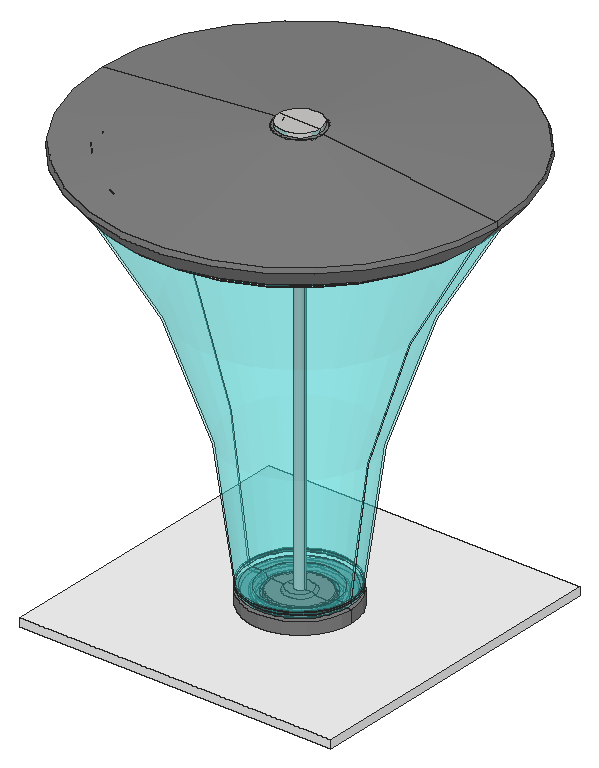
Revit family "BE_77151_de_DE", category Leuchten, Revit 2020
Family settings
  Basisbauteil = Fläche
  Bemaßung runder Anschluss = Durchmesser verwenden
  Teiletyp = Normal
  Beim Laden mit Abzugskörper schneiden = Ja
  Lichtquelle = Ja
  Gemeinsam genutzt = Nein
  Raumberechnungspunkt = Ja
Parameters (values of type "BEGA_77151_Grafit_K4")
  built-in parameter 1150104 = 12.774 (stored number, unit not read)
  Windangriffsfläche = "0.15 m²"
  Werkzeuglos = ""
  Wattage = 32 W
  Default Elevation = 0 mm
  built-in parameter 1150113 = 1 (stored number, unit not read)
  built-in parameter 1114218 = 1 (stored number, unit not read)
  Umgebungstemperatur = "25 °C"
  URL = "https://www.bega.com/de/produkt/77151"
  Typenkommentare = "© 2022 BEGA. Wir behalten uns das Recht vor, technische Änderungen ohne vorherige Ankündigung vorzunehmen."  # constant formula
  Type Image = 77151.png
  built-in parameter 1150134 = 12
  built-in parameter 1150109 = 1 (stored number, unit not read)
  Strom = ""
  built-in parameter 1150110 = 1 (stored number, unit not read)
  Spannung = 239.996 V
  Sonderanfertigung = no
  Seriennummer [instance] = "Hier können Sie die eindeutige Seriennummer für das Facility Management eintragen."
  Schutzklasse = "II"
  Schutzart = "IP 65"
  Scheinlast = 0 VA
  Produktdatenblatt = "https://cdn.bega.com/bega/products/77151K4/current/documents/data-sheets/de"
  Oberflächentemperatur = ""
  Neigungswinkel = 0.00°
  Modell = "77151K4"
  Material_19 = BEGA_Dummy_matt
  Material_17 = BEGA_Reflektor
  Material_15 = BEGA_Leuchtmedium_matt
  Material_13 = BEGA_Kunststoff_matt
  Material_12 = BEGA_Kunststoff_klar
  Material_06 = BEGA_Oberfläche_Edelstahl_gebürstet
  Material_02 = BEGA_Oberfläche_Silber_matt
  Material_01 [instance] = BEGA_Oberfläche_Grafit_matt
  Mastzopfhöhe_h = ""
  Mastzopfdurchmesser_d = ""
  Mastzopf_Ø [instance] = "76 mm"  # constant formula
  Masthöhe_H = ""
  Mastdurchmesser_unten_Ø = ""
  Mast Gruppe = ""
  M_G = yes
  M_A = no
  Logo = 0
  built-in parameter 1114217 = 1 (stored number, unit not read)
  built-in parameter 1150139 = (empty or 0)
  built-in parameter 1150105 = 350.14 (stored number, unit not read)
  built-in parameter 1150114 = 1 (stored number, unit not read)
  Lumens = 4400 lm
  built-in parameter 1150115 = 1 (stored number, unit not read)
  Leuchtenlichtstrom = "2591 lm"
  Leuchtenanzahl = ""
  Lebensdauerkriterien = "L70B50 @ 25 °C = 200000 h"
  Lastklassifizierung = Beleuchtung
  built-in parameter 1150112 = 1 (stored number, unit not read)
  Lampenlichtstrom = "4640 lm"
  Lampe = "LED 23.2 W"
  LED_Modulbezeichnung = "LED-0469/840 + LED-0472/840"
  built-in parameter 1150142 = (empty or 0)
  Hersteller = "BEGA"  # constant formula
  Gewicht = "8.6 kg"
  Frequenz = "0/50-60 Hz"
  Farbwiedergabeindex = "CRI > 80"
  Farbtemperaturverschiebung bei Dämpfen der Lampe = <Keine Auswahl>
  Farbtemperatur = "4000 K"
  Color Filter = 16777215
  built-in parameter 1150133 = 10 (stored number, unit not read)
  Energieeffizienzklasse = "LED A++ - A"
  Einstecktiefe = "110 mm"
  built-in parameter 1150137 = (empty or 0)
  built-in parameter 1150132 = (empty or 0)
  ENEC = "ja"
  Dimmbar [instance] = "DALI"
  Datei für fotometrisches Netz = "BE_77151K4.IES"
  CE_Konformität = "ja"
  Bestellnummer = "77151K4"
  Beschreibung_Sonderanfertigung = "Hier können Sie Informationen zur Sonderanfertigung eintragen."
  Beschreibung = "Aufsatzleuchte"
  built-in parameter 1150106 = 3.5014 (stored number, unit not read)
  BEGA_Intern_aus = yes
  BEGA_Intern_an = yes
  BEGA_Intern_Konstruktion = yes
  BEGA_Intern = yes
  BEGA_IES = yes
  BEGA_Dummy = no
  Anschlussleitung = "6.0 m X05BQ-F 4 × 1 mm²"
  Anschlussleistung [instance] = "25.8 W"
  built-in parameter 1150107 = 4000 (stored number, unit not read)
  built-in parameter 1150102 = (empty or 0)
  built-in parameter 1150138 = (empty or 0)
  Aktualisierung = "2022-05-19T04:00:07"
  Abstand_zur_angestrahlten_Fläche [instance] = ""
  AC/DC = "AC/DC"
Types (4, lengths in mm): name | built-in parameter 1150104 | built-in parameter 1150134 | Modell | M_G | M_A | built-in parameter 1150105 | Lumens | Leuchtenlichtstrom | Lampenlichtstrom | LED_Modulbezeichnung | Farbtemperatur | Datei für fotometrisches Netz | Bestellnummer | built-in parameter 1150106 | built-in parameter 1150107
  BEGA_77151_Grafit_K4 | 12.774 (stored number, unit not read) | 12 | "77151K4" | yes | no | 350.14 (stored number, unit not read) | 4400 lm | "2591 lm" | "4640 lm" | "LED-0469/840 + LED-0472/840" | "4000 K" | "BE_77151K4.IES" | "77151K4" | 3.5014 (stored number, unit not read) | 4000 (stored number, unit not read)
  BEGA_77151_Grafit_K3 | 12.02 (stored number, unit not read) | (empty or 0) | "77151K3" | yes | no | 329.46 (stored number, unit not read) | 4140.16 lm | "2513 lm" | "4500 lm" | "LED-0469/830 + LED-0472/830" | "3000 K" | "BE_77151K3.IES" | "77151K3" | 3.2946 (stored number, unit not read) | 3000 (stored number, unit not read)
  BEGA_77151_Silber_K3 | 12.02 (stored number, unit not read) | (empty or 0) | "77151AK3" | no | yes | 329.46 (stored number, unit not read) | 4140.16 lm | "2513 lm" | "4500 lm" | "LED-0469/830 + LED-0472/830" | "3000 K" | "BE_77151K3.IES" | "77151AK3" | 3.2946 (stored number, unit not read) | 3000 (stored number, unit not read)
  BEGA_77151_Silber_K4 | 12.774 (stored number, unit not read) | 12 | "77151AK4" | no | yes | 350.14 (stored number, unit not read) | 4400 lm | "2591 lm" | "4640 lm" | "LED-0469/840 + LED-0472/840" | "4000 K" | "BE_77151K4.IES" | "77151AK4" | 3.5014 (stored number, unit not read) | 4000 (stored number, unit not read)
Reference planes
  plane 1 "Mitte (Vorne/Hinten)": y = 0
  plane 2: z = 0
  plane 3 "Mitte (Links/Rechts)": x = 0
  plane 4 "Links": x = -255.051
  plane 5 "Rechts": x = 255.051
  plane 6 "Unten": y = -255.051
  plane 7 "Oben": y = 255.051
  plane 8 "Vorne": z = 554.848
  plane 9 "Hinten": z = -110
Forms (mm)
  Extrusion 1, solid, material "BEGA_Platte_Weiss"
    sketch origin (0, -1119.2, 0) x (1, 0, 0) y (0, 1, 0)
      loop
        line (-200, 1319.2) -> (-200, 919.2) -> (200, 919.2) -> (200, 1319.2) -> (-200, 1319.2)
    from 0 to -10
  Extrusion 2, solid, material "BEGA_Dummy_matt", visible <- "BEGA_Dummy"
    sketch origin (77.149, -76.023, 0) x (1, 0, 0) y (0, 1, 0)
      loop
        circle (-77.149, 76.023) r 255
    from -110 to 554.848
Dimensions and locks
  plane 1 "Mitte (Vorne/Hinten)" to Extrusion 1 = 200 mm
  aligned and locked: plane 2 to Extrusion 1
  aligned and locked: level to Extrusion 1
Nested families
  nested 1: "BE_77151_Leuchtenkörper" at (0, 0, 0), type "BE_77151_Leuchtenkörper"
    with BEGA_Infotext_Winkel no
Connectors
  electrical at (0, 0, 0), driven by "Lastklassifizierung", driven by "Spannung", driven by "Scheinlast"
    settings: index 1, voltage 239.996 V, apparent load 0 VA, apparent load phase1 0 VA, apparent load phase2 0 VA, apparent load phase3 0 VA, power factor 1, load classification "Beleuchtung", number of poles 1, system type 31, power factor state 1, is connector primary yes, connector utility no, sub classification motor no, connector description ""
Definition of nested family "BE_77151_Leuchtenkörper"
  Parameters (values of type "BE_77151_Leuchtenkörper")
    Default Elevation = 1 mm
    URL = "http://www.bega.de/de/produkt"
    Type Comments = "© 2015 BEGA. Wir behalten uns das Recht vor, technische Änderungen ohne vorherige Ankündigung vorzunehmen. "  # constant formula
    Type Image = element 69190
    Material_19 = none
    Material_17 = none
    Material_15 = none
    Material_13 = none
    Material_12 = none
    Material_06 = none
    Material_02 = none
    Material_01 = none
    M_G = yes
    M_A = yes
    Länge_Platte = 200 mm  # constant formula
    Höhe_Platte = -10 mm  # constant formula
    Manufacturer = "BEGA"  # constant formula
    Breite_Platte = 200 mm  # constant formula
    BEGA_Intern = yes
    BEGA_Infotext_Winkel [instance] = no
    Aktualisierung = "Stand: 25.03.2015"  # constant formula
  Reference planes
    plane 1 "Mitte (Oben/Unten)": y = 0
    plane 2: z = 0
    plane 3 "Mitte (Links/Rechts)": x = 0
    plane 4: x = 255.051
    plane 5: x = -255.051
    plane 6: z = 554.848
    plane 7: z = -110
    plane 8: y = 255.051
    plane 9: y = -255.051
  Forms (mm)
    Extrusion 1, solid, detail levels medium
      sketch origin (0, 0, 0) x (1, 0, 0) y (0, 1, 0)
        loop
          line (-100, 100) -> (-100, -100) -> (100, -100) -> (100, 100) -> (-100, 100)
      from 0 to -10 <- "Höhe_Platte"
    Revolve 2, solid, material <- "Material_01", visible <- "M_G", detail levels medium+fine
      sketch origin (0, 0, 0) x (1, 0, 0) y (0, 0, 1)
        loop
          line (-44.341, -110) -> (-42.269, -107.928) -> (-38.567, -1.93)
          arc (-38.567, -1.93) -> (-37.958, -0.561) -> (-36.569, 0) r 2
          line (-36.569, 0) -> (-24.622, 0)
          arc (-24.622, 0) -> (-23.122, -0.402) -> (-22.021, -1.5) r 3
          line (-22.021, -1.5) -> (-20.866, -3.5)
          arc (-20.866, -3.5) -> (-19.77, -4.597) -> (-18.273, -5) r 3
          line (-18.273, -5) -> (-6.5, -5) -> (-6.5, 18) -> (-16, 18) -> (-19, 15) -> (-36.034, 15)
          arc (-36.034, 15) -> (-36.729, 14.719) -> (-37.034, 14.034) r 1
          line (-37.034, 14.034) -> (-37.349, 5) -> (-50.351, 5) -> (-50.666, 14.037)
          arc (-50.666, 14.037) -> (-50.972, 14.72) -> (-51.666, 15) r 1
          line (-51.666, 15) -> (-66.5, 15) -> (-66.5, -11.344)
          arc (-66.5, -11.344) -> (-66.232, -12.344) -> (-65.5, -13.077) r 2
          line (-65.5, -13.077) -> (-55.491, -18.856)
          arc (-55.491, -18.856) -> (-55.132, -19.221) -> (-55, -19.716) r 1
          line (-55, -19.716) -> (-55, -110) -> (-44.341, -110)
        axis (0, 18) -> (0, -110)
      angle from 0 to 360
    Revolve 3, solid, material <- "Material_12", detail levels medium+fine
      sketch origin (0, 0, 0) x (1, 0, 0) y (0, 0, 1)
        loop
          line (-44.305, 7.5) -> (-40.3, 7.5) -> (-40.571, 12.675)
          arc (-40.571, 12.675) -> (-42.681, 17.511) -> (-47.569, 19.5) r 7
          line (-47.569, 19.5) -> (-61.573, 19.5)
          arc (-61.573, 19.5) -> (-63.658, 20.344) -> (-64.571, 22.4) r 3
          line (-64.571, 22.4) -> (-64.672, 25.294)
          arc (-64.672, 25.294) -> (-110.225, 270.595) -> (-225.662, 491.779) r 842
          arc (-225.662, 491.779) -> (-226.065, 492.542) -> (-226.234, 493.389) r 3
          line (-226.234, 493.389) -> (-227.497, 517.5) -> (-229.5, 517.5) -> (-228.23, 493.275)
          arc (-228.23, 493.275) -> (-227.948, 491.869) -> (-227.279, 490.601) r 5
          arc (-227.279, 490.601) -> (-112.106, 269.915) -> (-66.669, 25.164) r 840
          line (-66.669, 25.164) -> (-66.574, 22.448)
          arc (-66.574, 22.448) -> (-64.506, 17.532) -> (-59.574, 15.5) r 7
          line (-59.574, 15.5) -> (-47.572, 15.5)
          arc (-47.572, 15.5) -> (-45.507, 14.676) -> (-44.576, 12.657) r 3
          line (-44.576, 12.657) -> (-44.305, 7.5)
        axis (0, 517.5) -> (0, 7.5)
      angle from 0 to 360
    Revolve 4, solid, material <- "Material_06", detail levels medium+fine
      sketch origin (0, 0, 0) x (1, 0, 0) y (0, 0, 1)
        loop
          line (-5, 5) -> (-5, 473.998) -> (-7.5, 475.5) -> (-7.5, 549.5) -> (-12.25, 549.5) -> (-12.25, 462.5) -> (-15, 462.5) -> (-15, 460) -> (-6.5, 460) -> (-6.5, 5) -> (-5, 5)
        axis (0, 549.5) -> (0, 5)
      angle from 0 to 360
    Revolve 5, solid, material <- "Material_01", visible <- "M_G", detail levels medium+fine
      sketch origin (0, 0, 0) x (1, 0, 0) y (0, 0, 1)
        loop
          line (-234.437, 497.148) -> (-231.997, 497.148) -> (-231.502, 525.5) -> (-223.333, 525.5) -> (-223.158, 515.5) -> (-219.658, 515.5) -> (-219.335, 524.748) -> (-200.014, 524.748) -> (-199.717, 528.992) -> (-29.787, 545.148) -> (0, 545.148) -> (0, 549.648) -> (-29.597, 549.648)
          arc (-29.597, 549.648) -> (-30, 549.638) -> (-30.401, 549.61) r 8.501
          line (-30.401, 549.61) -> (-253.945, 528.357) -> (-255.051, 521.648)
          arc (-255.051, 521.648) -> (-244.613, 509.508) -> (-234.437, 497.148) r 750
        axis (0, 549.648) -> (0, 497.148)
      angle from 0 to 360
    Revolve 6, solid, material <- "Material_06", detail levels fine
      sketch origin (0, 0, 0) x (1, 0, 0) y (0, 0, 1)
        loop
          line (-26, 554.848) -> (-26, 550.348) -> (-18, 550.348) -> (-18, 553.348) -> (-6.8, 553.348) -> (-6.8, 547.148) -> (0, 547.148) -> (0, 554.848) -> (-26, 554.848)
        axis (0, 554.848) -> (0, 547.148)
      angle from 0 to 360
    Revolve 7, solid, material <- "Material_06", detail levels fine
      sketch origin (0, 0, 0) x (1, 0, 0) y (0, 0, 1)
        loop
          line (56, -26) -> (52.576, -26) -> (52.576, -30) -> (56, -30) -> (56, -26)
        axis (56, -30) -> (52.576, -30)
      angle from 0 to 360
    Revolve 8, solid, material <- "Material_06", detail levels fine
      sketch origin (0, 0, -60.042) x (1, 0, 0) y (0, 0, 1)
        loop
          line (56, -26) -> (52.553, -26) -> (52.553, -30) -> (56, -30) -> (56, -26)
        axis (56, -30) -> (52.553, -30)
      angle from 0 to 360
    Revolve 9, solid, material <- "Material_06", detail levels fine
      sketch origin (0, 0, 0) x (-0.5, 0.866025, 0) y (0, 0, -1)
        loop
          line (56, 26) -> (56, 30) -> (52.576, 30) -> (52.576, 26) -> (56, 26)
        axis (56, 30) -> (52.576, 30)
      angle from 0 to 360
    Revolve 10, solid, material <- "Material_06", detail levels fine
      sketch origin (0, 0, -60.042) x (-0.5, 0.866025, 0) y (0, 0, -1)
        loop
          line (56, 26) -> (56, 30) -> (52.645, 30) -> (52.645, 26) -> (56, 26)
        axis (56, 30) -> (52.645, 30)
      angle from 0 to 360
    Revolve 11, solid, material <- "Material_06", detail levels fine
      sketch origin (0, 0, 0) x (-0.5, -0.866025, 0) y (0, 0, -1)
        loop
          line (56, 26) -> (56, 30) -> (52.576, 30) -> (52.576, 26) -> (56, 26)
        axis (56, 30) -> (52.576, 30)
      angle from 0 to 360
    Revolve 12, solid, material <- "Material_06", detail levels fine
      sketch origin (0, 0, -60.042) x (-0.5, -0.866025, 0) y (0, 0, -1)
        loop
          line (56, 26) -> (56, 30) -> (52.57, 30) -> (52.57, 26) -> (56, 26)
        axis (56, 30) -> (52.57, 30)
      angle from 0 to 360
    Revolve 13, solid, material <- "Material_13", detail levels medium+fine
      sketch origin (0, 0, 0) x (1, 0, 0) y (0, 0, 1)
        loop
          line (-224, 514.4) -> (-224, 504.081)
          arc (-224, 504.081) -> (-222.768, 500.273) -> (-219.54, 497.909) r 6.5
          arc (-219.54, 497.909) -> (-117.695, 472.537) -> (-13.2, 462.689) r 699.501
          line (-13.2, 462.689) -> (-13.2, 465.69)
          arc (-13.2, 465.69) -> (-117.397, 475.53) -> (-218.943, 500.871) r 696.501
          arc (-218.943, 500.871) -> (-220.432, 501.96) -> (-221, 503.717) r 3
          line (-221, 503.717) -> (-221, 514.4) -> (-224, 514.4)
        axis (0, 514.4) -> (0, 462.689)
      angle from 0 to 360
    Revolve 14, solid, material <- "Material_17", detail levels medium+fine
      sketch origin (0, 0, 0) x (1, 0, 0) y (0, 0, 1)
        loop
          line (-210.958, 523.748) -> (-210.778, 519.622)
          arc (-210.778, 519.622) -> (-207.075, 507.731) -> (-201.204, 496.748) r 66
          line (-201.204, 496.748) -> (-200, 496.748)
          arc (-200, 496.748) -> (-206.007, 507.773) -> (-209.782, 519.748) r 65
          line (-209.782, 519.748) -> (-209.959, 523.791)
          arc (-209.959, 523.791) -> (-210.266, 524.47) -> (-210.958, 524.748) r 1
          line (-210.958, 524.748) -> (-219, 524.748) -> (-219, 523.748) -> (-210.958, 523.748)
        axis (0, 524.748) -> (0, 496.748)
      angle from 0 to 360
    Revolve 15, solid, material <- "Material_15", detail levels medium+fine
      sketch origin (0, 0, 0) x (1, 0, 0) y (0, 0, -1)
        loop
          line (-207.998, -524.748) -> (-189.998, -524.748) -> (-189.998, -523.198) -> (-207.998, -523.198) -> (-207.998, -524.748)
        axis (0, -524.748) -> (0, -523.198)
      angle from 0 to 180
    Revolve 16, solid, material <- "Material_02", visible <- "M_A", detail levels medium+fine
      sketch origin (0, 0, 0) x (1, 0, 0) y (0, 0, 1)
        loop
          line (-44.341, -110) -> (-42.269, -107.928) -> (-38.567, -1.93)
          arc (-38.567, -1.93) -> (-37.958, -0.561) -> (-36.569, 0) r 2
          line (-36.569, 0) -> (-24.622, 0)
          arc (-24.622, 0) -> (-23.122, -0.402) -> (-22.021, -1.5) r 3
          line (-22.021, -1.5) -> (-20.866, -3.5)
          arc (-20.866, -3.5) -> (-19.77, -4.597) -> (-18.273, -5) r 3
          line (-18.273, -5) -> (-6.5, -5) -> (-6.5, 18) -> (-16, 18) -> (-19, 15) -> (-36.034, 15)
          arc (-36.034, 15) -> (-36.729, 14.719) -> (-37.034, 14.034) r 1
          line (-37.034, 14.034) -> (-37.349, 5) -> (-50.351, 5) -> (-50.666, 14.037)
          arc (-50.666, 14.037) -> (-50.972, 14.72) -> (-51.666, 15) r 1
          line (-51.666, 15) -> (-66.5, 15) -> (-66.5, -11.344)
          arc (-66.5, -11.344) -> (-66.232, -12.344) -> (-65.5, -13.077) r 2
          line (-65.5, -13.077) -> (-55.491, -18.856)
          arc (-55.491, -18.856) -> (-55.132, -19.221) -> (-55, -19.716) r 1
          line (-55, -19.716) -> (-55, -110) -> (-44.341, -110)
        axis (0, 18) -> (0, -110)
      angle from 0 to 360
    Revolve 17, solid, material <- "Material_02", visible <- "M_A", detail levels medium+fine
      sketch origin (0, 0, 0) x (1, 0, 0) y (0, 0, 1)
        loop
          line (-234.437, 497.148) -> (-231.997, 497.148) -> (-231.502, 525.5) -> (-223.333, 525.5) -> (-223.158, 515.5) -> (-219.658, 515.5) -> (-219.335, 524.748) -> (-200.014, 524.748) -> (-199.717, 528.992) -> (-29.787, 545.148) -> (0, 545.148) -> (0, 549.648) -> (-29.597, 549.648)
          arc (-29.597, 549.648) -> (-30, 549.638) -> (-30.401, 549.61) r 8.501
          line (-30.401, 549.61) -> (-253.945, 528.357) -> (-255.051, 521.648)
          arc (-255.051, 521.648) -> (-244.613, 509.508) -> (-234.437, 497.148) r 750
        axis (0, 549.648) -> (0, 497.148)
      angle from 0 to 360
  Dimensions and locks
    equal spacing: Extrusion 1 sketch curve, plane 3 "Mitte (Links/Rechts)", Extrusion 1 sketch curve
    equal spacing: Extrusion 1 sketch curve, plane 1 "Mitte (Oben/Unten)", Extrusion 1 sketch curve
    "Länge_Platte": Extrusion 1 sketch curve to Extrusion 1 sketch curve
    "Breite_Platte": Extrusion 1 sketch curve to Extrusion 1 sketch curve
    plane 1 "Mitte (Oben/Unten)" to Extrusion 1 = 100 mm  (x3)
    aligned and locked: plane 2 to Extrusion 1
    aligned and locked: level to Extrusion 1
    aligned and locked: Revolve 2 sketch curve to plane 3 "Mitte (Links/Rechts)"
    aligned and locked: Revolve 3 sketch curve to plane 3 "Mitte (Links/Rechts)"
    aligned and locked: Revolve 4 sketch curve to plane 3 "Mitte (Links/Rechts)"
    aligned and locked: Revolve 5 sketch curve to plane 3 "Mitte (Links/Rechts)"
    aligned and locked: Revolve 6 sketch curve to plane 3 "Mitte (Links/Rechts)"
    aligned and locked: Revolve 13 sketch curve to plane 3 "Mitte (Links/Rechts)"
    aligned and locked: Revolve 14 sketch curve to plane 3 "Mitte (Links/Rechts)"
  Automatic sketch dimensions
    Revolve 2 sketch curve to plane 7 = 0 mm
    Revolve 2 sketch curve to plane 3 "Mitte (Links/Rechts)" = 6.5 mm
    Revolve 2 sketch curve to Revolve 2 sketch curve = 9.5 mm
    Revolve 2 sketch curve to level = 2 mm  (x2)
    Revolve 2 sketch curve to Revolve 2 sketch curve = 11.768 mm
    Revolve 2 sketch curve to Revolve 2 sketch curve = 0.005 mm
    Revolve 2 sketch curve to Revolve 2 sketch curve = 3 mm  (x3)
    level to Revolve 2 sketch curve = 0 mm
    Revolve 2 sketch curve to Revolve 2 sketch curve = 6.354 mm
    Revolve 2 sketch curve to Revolve 2 sketch curve = 17.034 mm
    Revolve 2 sketch curve to Revolve 2 sketch curve = 11.947 mm
    level to Revolve 2 sketch curve = 14.034 mm
    Revolve 2 sketch curve to Revolve 2 sketch curve = 0.999 mm  (x2)
    level to Revolve 2 sketch curve = 5 mm
    Revolve 2 sketch curve to Revolve 2 sketch curve = 0.781 mm
    Revolve 2 sketch curve to level = 1.93 mm
    Revolve 2 sketch curve to Revolve 2 sketch curve = 1.999 mm
    plane 7 to Revolve 2 sketch curve = 2.072 mm
    Revolve 2 sketch curve to plane 3 "Mitte (Links/Rechts)" = 42.269 mm
    Revolve 2 sketch curve to Revolve 2 sketch curve = 2.072 mm
    Revolve 2 sketch curve to Revolve 2 sketch curve = 13.002 mm
    level to Revolve 2 sketch curve = 14.037 mm
    Revolve 2 sketch curve to Revolve 2 sketch curve = 0.316 mm
    Revolve 2 sketch curve to Revolve 2 sketch curve = 10.659 mm
    Revolve 2 sketch curve to level = 18.856 mm
    Revolve 2 sketch curve to Revolve 2 sketch curve = 0.491 mm
    Revolve 2 sketch curve to Revolve 2 sketch curve = 1 mm  (x2)
    Revolve 2 sketch curve to Revolve 2 sketch curve = 9.009 mm
    Revolve 2 sketch curve to Revolve 2 sketch curve = 14.834 mm
    Revolve 2 sketch curve to level = 11.344 mm
    Revolve 2 sketch curve to level = 3 mm
    Revolve 2 sketch curve to Revolve 2 sketch curve = 0.034 mm
    Revolve 2 sketch curve to Revolve 2 sketch curve = 0.037 mm
    Revolve 2 sketch curve to Revolve 2 sketch curve = 2.593 mm
    Revolve 2 sketch curve to level = 3.5 mm
    Revolve 2 sketch curve to Revolve 2 sketch curve = 0 mm  (x3)
    Revolve 2 sketch curve to level = 1.5 mm
    Revolve 2 sketch curve to Revolve 2 sketch curve = 1.155 mm
    Revolve 2 sketch curve to Revolve 2 sketch curve = 0.003 mm
    Revolve 2 sketch curve to level = 13.077 mm
    Revolve 2 sketch curve to plane 7 = 499.6 mm
    plane 6 to Revolve 2 sketch curve = 2054.21 mm
    Revolve 3 sketch curve to Revolve 3 sketch curve = 0 mm  (x19)
    level to Revolve 3 sketch curve = 7.5 mm
    Revolve 3 sketch curve to plane 3 "Mitte (Links/Rechts)" = 40.3 mm
    level to Revolve 3 sketch curve = 12.675 mm
    Revolve 3 sketch curve to Revolve 3 sketch curve = 0.271 mm  (x2)
    Revolve 3 sketch curve to Revolve 3 sketch curve = 4.005 mm
    Revolve 3 sketch curve to Revolve 3 sketch curve = 6.998 mm
    Revolve 3 sketch curve to Revolve 3 sketch curve = 0.003 mm
    Revolve 3 sketch curve to Revolve 3 sketch curve = 12.005 mm
    Revolve 3 sketch curve to Revolve 3 sketch curve = 1.999 mm
    level to Revolve 3 sketch curve = 22.4 mm
    Revolve 3 sketch curve to Revolve 3 sketch curve = 2.998 mm
    level to Revolve 3 sketch curve = 22.448 mm
    Revolve 3 sketch curve to Revolve 3 sketch curve = 2.003 mm  (x2)
    level to Revolve 3 sketch curve = 25.164 mm
    Revolve 3 sketch curve to Revolve 3 sketch curve = 0.095 mm
    Revolve 3 sketch curve to plane 5 = 31.813 mm
    Revolve 3 sketch curve to Revolve 3 sketch curve = 4.26 mm
    Revolve 3 sketch curve to Revolve 3 sketch curve = 4.993 mm
    Revolve 3 sketch curve to level = 4.092 mm
    plane 5 to Revolve 3 sketch curve = 651.109 mm
    Revolve 3 sketch curve to Revolve 3 sketch curve = 5 mm
    Revolve 3 sketch curve to Revolve 3 sketch curve = 4 mm
    Revolve 3 sketch curve to plane 6 = 61.573 mm
    Revolve 3 sketch curve to Revolve 3 sketch curve = 24.225 mm
    level to Revolve 3 sketch curve = 12.657 mm
    Revolve 3 sketch curve to Revolve 3 sketch curve = 2.993 mm
    level to Revolve 3 sketch curve = 25.294 mm
    Revolve 3 sketch curve to Revolve 3 sketch curve = 1.997 mm
    Revolve 3 sketch curve to Revolve 3 sketch curve = 2.568 mm
    Revolve 3 sketch curve to Revolve 3 sketch curve = 0.571 mm
    Revolve 3 sketch curve to Revolve 3 sketch curve = 1.616 mm
    Revolve 3 sketch curve to plane 7 = 499.6 mm
    plane 6 to Revolve 3 sketch curve = 2054.21 mm
    Revolve 4 sketch curve to plane 3 "Mitte (Links/Rechts)" = 5 mm
    Revolve 4 sketch curve to plane 3 "Mitte (Links/Rechts)" = 6.5 mm
    Revolve 4 sketch curve to plane 3 "Mitte (Links/Rechts)" = 7.5 mm
    Revolve 4 sketch curve to Revolve 4 sketch curve = 5.75 mm
    Revolve 4 sketch curve to Revolve 4 sketch curve = 2.75 mm
    level to Revolve 4 sketch curve = 5 mm
    Revolve 4 sketch curve to plane 6 = 94.848 mm
    Revolve 4 sketch curve to Revolve 4 sketch curve = 2.5 mm
    Revolve 4 sketch curve to Revolve 4 sketch curve = 11.498 mm
    Revolve 4 sketch curve to Revolve 4 sketch curve = 1.502 mm
    Revolve 4 sketch curve to plane 6 = 5.348 mm
    Revolve 4 sketch curve to plane 7 = 499.6 mm
    plane 6 to Revolve 4 sketch curve = 2054.21 mm
    plane 5 to Revolve 5 sketch curve = 0 mm
    level to Revolve 5 sketch curve = 26.648 mm
    plane 5 to Revolve 5 sketch curve = 563.449 mm
    Revolve 5 sketch curve to plane 5 = 1.105 mm
    Revolve 5 sketch curve to plane 5 = 20.614 mm
    Revolve 5 sketch curve to Revolve 5 sketch curve = 2.44 mm
    Revolve 5 sketch curve to Revolve 5 sketch curve = 22.443 mm
    Revolve 5 sketch curve to Revolve 5 sketch curve = 8.17 mm
    Revolve 5 sketch curve to Revolve 5 sketch curve = 0.175 mm
    Revolve 5 sketch curve to Revolve 5 sketch curve = 3.5 mm
    Revolve 5 sketch curve to Revolve 5 sketch curve = 3.997 mm
    Revolve 5 sketch curve to Revolve 5 sketch curve = 19.321 mm
    Revolve 5 sketch curve to plane 6 = 25.855 mm
    Revolve 5 sketch curve to Revolve 5 sketch curve = 0.297 mm
    Revolve 5 sketch curve to plane 6 = 9.7 mm
    Revolve 5 sketch curve to Revolve 5 sketch curve = 0.19 mm
    Revolve 5 sketch curve to Revolve 5 sketch curve = 31.845 mm
    Revolve 5 sketch curve to Revolve 5 sketch curve = 18.352 mm
    Revolve 5 sketch curve to Revolve 5 sketch curve = 9.248 mm
    Revolve 5 sketch curve to Revolve 5 sketch curve = 0.752 mm
    Revolve 5 sketch curve to Revolve 5 sketch curve = 6.709 mm
    Revolve 5 sketch curve to Revolve 5 sketch curve = 4.001 mm
    Revolve 5 sketch curve to plane 6 = 5.238 mm
    Revolve 5 sketch curve to Revolve 5 sketch curve = 0.615 mm
    Revolve 5 sketch curve to Revolve 5 sketch curve = 0 mm  (x3)
    Revolve 5 sketch curve to Revolve 5 sketch curve = 0.804 mm
    Revolve 5 sketch curve to plane 7 = 499.6 mm
    plane 6 to Revolve 5 sketch curve = 2054.21 mm
    Revolve 6 sketch curve to plane 6 = 0 mm
    Revolve 6 sketch curve to plane 3 "Mitte (Links/Rechts)" = 0 mm
    Revolve 6 sketch curve to plane 6 = 1.5 mm
    Revolve 6 sketch curve to plane 3 "Mitte (Links/Rechts)" = 6.8 mm
    Revolve 6 sketch curve to Revolve 6 sketch curve = 11.2 mm
    Revolve 6 sketch curve to Revolve 6 sketch curve = 8 mm
    Revolve 6 sketch curve to Revolve 6 sketch curve = 3 mm
    Revolve 6 sketch curve to plane 6 = 7.7 mm
    Revolve 6 sketch curve to plane 7 = 499.6 mm
    Revolve 6 sketch curve to Revolve 6 sketch curve = 2054.21 mm
    Revolve 7 sketch curve to level = 26 mm
    plane 3 "Mitte (Links/Rechts)" to Revolve 7 sketch curve = 52.576 mm
    Revolve 7 sketch curve to Revolve 7 sketch curve = 3.424 mm
    Revolve 7 sketch curve to Revolve 7 sketch curve = 4 mm
    Revolve 7 sketch curve to Revolve 7 sketch curve = 12.576 mm
    Revolve 7 sketch curve to Revolve 7 sketch curve = 2 mm
    Revolve 7 sketch curve to Revolve 7 sketch curve = 0 mm
    plane 7 to Revolve 8 sketch curve = 23.958 mm
    plane 3 "Mitte (Links/Rechts)" to Revolve 8 sketch curve = 52.553 mm
    Revolve 8 sketch curve to Revolve 8 sketch curve = 3.447 mm
    Revolve 8 sketch curve to Revolve 8 sketch curve = 4 mm
    Revolve 8 sketch curve to Revolve 8 sketch curve = 12.553 mm
    Revolve 8 sketch curve to Revolve 8 sketch curve = 2 mm
    Revolve 8 sketch curve to Revolve 8 sketch curve = 0 mm
    Revolve 9 sketch curve to level = 26 mm
    Revolve 9 sketch curve to Revolve 9 sketch curve = 3.424 mm
    Revolve 9 sketch curve to Revolve 9 sketch curve = 4 mm
    Revolve 9 sketch curve to Revolve 9 sketch curve = 12.576 mm
    Revolve 9 sketch curve to Revolve 9 sketch curve = 2 mm
    Revolve 9 sketch curve to Revolve 9 sketch curve = 0 mm
    plane 7 to Revolve 10 sketch curve = 23.958 mm
    Revolve 10 sketch curve to Revolve 10 sketch curve = 3.355 mm
    Revolve 10 sketch curve to Revolve 10 sketch curve = 4 mm
    Revolve 10 sketch curve to Revolve 10 sketch curve = 12.646 mm
    Revolve 10 sketch curve to Revolve 10 sketch curve = 2 mm
    Revolve 10 sketch curve to Revolve 10 sketch curve = 0 mm
    Revolve 11 sketch curve to level = 26 mm
    Revolve 11 sketch curve to Revolve 11 sketch curve = 3.424 mm
    Revolve 11 sketch curve to Revolve 11 sketch curve = 4 mm
    Revolve 11 sketch curve to Revolve 11 sketch curve = 12.576 mm
    Revolve 11 sketch curve to Revolve 11 sketch curve = 2 mm
    Revolve 11 sketch curve to Revolve 11 sketch curve = 0 mm
    plane 7 to Revolve 12 sketch curve = 23.958 mm
    Revolve 12 sketch curve to Revolve 12 sketch curve = 3.43 mm
    Revolve 12 sketch curve to Revolve 12 sketch curve = 4 mm
    Revolve 12 sketch curve to Revolve 12 sketch curve = 12.57 mm
    Revolve 12 sketch curve to Revolve 12 sketch curve = 2 mm
    Revolve 12 sketch curve to Revolve 12 sketch curve = 0 mm
    Revolve 13 sketch curve to Revolve 13 sketch curve = 0 mm  (x6)
    Revolve 13 sketch curve to plane 3 "Mitte (Links/Rechts)" = 13.2 mm
    Revolve 13 sketch curve to plane 5 = 37.551 mm
    Revolve 13 sketch curve to Revolve 13 sketch curve = 0.5 mm
    Revolve 13 sketch curve to Revolve 13 sketch curve = 3.5 mm
    Revolve 13 sketch curve to Revolve 13 sketch curve = 3 mm
    plane 3 "Mitte (Links/Rechts)" to Revolve 13 sketch curve = 0 mm
    Revolve 13 sketch curve to plane 6 = 92.159 mm
    Revolve 13 sketch curve to Revolve 13 sketch curve = 3.001 mm
    Revolve 13 sketch curve to plane 6 = 51.131 mm
    Revolve 13 sketch curve to Revolve 13 sketch curve = 0.364 mm  (x2)
    Revolve 13 sketch curve to Revolve 13 sketch curve = 10.683 mm
    plane 6 to Revolve 13 sketch curve = 607.217 mm
    Revolve 13 sketch curve to Revolve 13 sketch curve = 0.943 mm
    Revolve 13 sketch curve to Revolve 13 sketch curve = 0.597 mm
    Revolve 13 sketch curve to plane 7 = 499.6 mm
    Revolve 13 sketch curve to Revolve 13 sketch curve = 1446.993 mm
    Revolve 14 sketch curve to plane 6 = 21.635 mm
    Revolve 14 sketch curve to plane 5 = 108.859 mm
    Revolve 14 sketch curve to Revolve 14 sketch curve = 0 mm  (x5)
    Revolve 14 sketch curve to plane 5 = 55.051 mm
    Revolve 14 sketch curve to Revolve 14 sketch curve = 1.204 mm
    Revolve 14 sketch curve to plane 6 = 35.1 mm
    Revolve 14 sketch curve to Revolve 14 sketch curve = 8.578 mm
    Revolve 14 sketch curve to plane 6 = 35.226 mm
    Revolve 14 sketch curve to Revolve 14 sketch curve = 0.995 mm
    Revolve 14 sketch curve to Revolve 14 sketch curve = 0.18 mm
    Revolve 14 sketch curve to Revolve 14 sketch curve = 8.042 mm
    Revolve 14 sketch curve to Revolve 14 sketch curve = 4.126 mm
    Revolve 14 sketch curve to Revolve 14 sketch curve = 1 mm
    Revolve 14 sketch curve to Revolve 14 sketch curve = 0.999 mm
    Revolve 14 sketch curve to plane 7 = 499.6 mm
    plane 6 to Revolve 14 sketch curve = 2054.21 mm
    Revolve 15 sketch curve to plane 3 "Mitte (Links/Rechts)" = 0 mm
    Revolve 15 sketch curve to plane 6 = 30.1 mm
    Revolve 15 sketch curve to plane 5 = 65.052 mm
    Revolve 15 sketch curve to Revolve 15 sketch curve = 18 mm
    Revolve 15 sketch curve to Revolve 15 sketch curve = 1.55 mm
    plane 6 to Revolve 15 sketch curve = 2054.21 mm
    Revolve 15 sketch curve to plane 7 = 499.6 mm
    Revolve 5 sketch curve to plane 6 = 5.2 mm
    Revolve 5 sketch curve to Revolve 5 sketch curve = 29.597 mm
    Revolve 5 sketch curve to plane 3 "Mitte (Links/Rechts)" = 0 mm
    Revolve 16 sketch curve to plane 7 = 0 mm
    plane 3 "Mitte (Links/Rechts)" to Revolve 16 sketch curve = 0 mm
    Revolve 16 sketch curve to plane 3 "Mitte (Links/Rechts)" = 6.5 mm
    Revolve 16 sketch curve to Revolve 16 sketch curve = 9.5 mm
    Revolve 16 sketch curve to level = 2 mm  (x2)
    Revolve 16 sketch curve to Revolve 16 sketch curve = 11.768 mm
    Revolve 16 sketch curve to Revolve 16 sketch curve = 0.005 mm
    Revolve 16 sketch curve to Revolve 16 sketch curve = 3 mm  (x3)
    level to Revolve 16 sketch curve = 0 mm
    Revolve 16 sketch curve to Revolve 16 sketch curve = 6.354 mm
    Revolve 16 sketch curve to Revolve 16 sketch curve = 17.034 mm
    Revolve 16 sketch curve to Revolve 16 sketch curve = 11.947 mm
    level to Revolve 16 sketch curve = 14.034 mm
    Revolve 16 sketch curve to Revolve 16 sketch curve = 0.999 mm  (x2)
    level to Revolve 16 sketch curve = 5 mm
    Revolve 16 sketch curve to Revolve 16 sketch curve = 0.781 mm
    Revolve 16 sketch curve to level = 1.93 mm
    Revolve 16 sketch curve to Revolve 16 sketch curve = 1.999 mm
    plane 7 to Revolve 16 sketch curve = 2.072 mm
    Revolve 16 sketch curve to plane 3 "Mitte (Links/Rechts)" = 42.269 mm
    Revolve 16 sketch curve to Revolve 16 sketch curve = 2.072 mm
    Revolve 16 sketch curve to Revolve 16 sketch curve = 13.002 mm
    level to Revolve 16 sketch curve = 14.037 mm
    Revolve 16 sketch curve to Revolve 16 sketch curve = 0.316 mm
    Revolve 16 sketch curve to Revolve 16 sketch curve = 10.659 mm
    Revolve 16 sketch curve to level = 18.856 mm
    Revolve 16 sketch curve to Revolve 16 sketch curve = 0.491 mm
    Revolve 16 sketch curve to Revolve 16 sketch curve = 1 mm  (x2)
    Revolve 16 sketch curve to Revolve 16 sketch curve = 9.009 mm
    Revolve 16 sketch curve to Revolve 16 sketch curve = 14.834 mm
    Revolve 16 sketch curve to level = 11.344 mm
    Revolve 16 sketch curve to level = 3 mm
    Revolve 16 sketch curve to Revolve 16 sketch curve = 0.034 mm
    Revolve 16 sketch curve to Revolve 16 sketch curve = 0.037 mm
    Revolve 16 sketch curve to Revolve 16 sketch curve = 2.593 mm
    Revolve 16 sketch curve to level = 3.5 mm
    Revolve 16 sketch curve to Revolve 16 sketch curve = 0 mm  (x3)
    Revolve 16 sketch curve to level = 1.5 mm
    Revolve 16 sketch curve to Revolve 16 sketch curve = 1.155 mm
    Revolve 16 sketch curve to Revolve 16 sketch curve = 0.003 mm
    Revolve 16 sketch curve to level = 13.077 mm
    Revolve 16 sketch curve to plane 7 = 499.6 mm
    plane 6 to Revolve 16 sketch curve = 2054.21 mm
    plane 5 to Revolve 17 sketch curve = 0 mm
    Revolve 17 sketch curve to plane 3 "Mitte (Links/Rechts)" = 0 mm  (x2)
    level to Revolve 17 sketch curve = 26.648 mm
    plane 5 to Revolve 17 sketch curve = 563.449 mm
    Revolve 17 sketch curve to plane 5 = 1.105 mm
    Revolve 17 sketch curve to plane 5 = 20.614 mm
    Revolve 17 sketch curve to Revolve 17 sketch curve = 2.44 mm
    Revolve 17 sketch curve to Revolve 17 sketch curve = 22.443 mm
    Revolve 17 sketch curve to Revolve 17 sketch curve = 8.17 mm
    Revolve 17 sketch curve to Revolve 17 sketch curve = 0.175 mm
    Revolve 17 sketch curve to Revolve 17 sketch curve = 3.5 mm
    Revolve 17 sketch curve to Revolve 17 sketch curve = 3.997 mm
    Revolve 17 sketch curve to Revolve 17 sketch curve = 19.321 mm
    Revolve 17 sketch curve to plane 6 = 25.855 mm
    Revolve 17 sketch curve to Revolve 17 sketch curve = 0.297 mm
    Revolve 17 sketch curve to plane 6 = 9.7 mm
    Revolve 17 sketch curve to plane 3 "Mitte (Links/Rechts)" = 29.787 mm
    Revolve 17 sketch curve to Revolve 17 sketch curve = 0.19 mm
    Revolve 17 sketch curve to Revolve 17 sketch curve = 31.845 mm
    Revolve 17 sketch curve to Revolve 17 sketch curve = 18.352 mm
    Revolve 17 sketch curve to Revolve 17 sketch curve = 9.248 mm
    Revolve 17 sketch curve to Revolve 17 sketch curve = 0.752 mm
    Revolve 17 sketch curve to Revolve 17 sketch curve = 6.709 mm
    Revolve 17 sketch curve to Revolve 17 sketch curve = 4.001 mm
    Revolve 17 sketch curve to Revolve 17 sketch curve = 4.5 mm
    Revolve 17 sketch curve to plane 6 = 5.238 mm
    Revolve 17 sketch curve to Revolve 17 sketch curve = 0.615 mm
    Revolve 17 sketch curve to Revolve 17 sketch curve = 0 mm  (x3)
    Revolve 17 sketch curve to Revolve 17 sketch curve = 0.804 mm
    Revolve 17 sketch curve to plane 7 = 499.6 mm
    plane 6 to Revolve 17 sketch curve = 2054.21 mm
